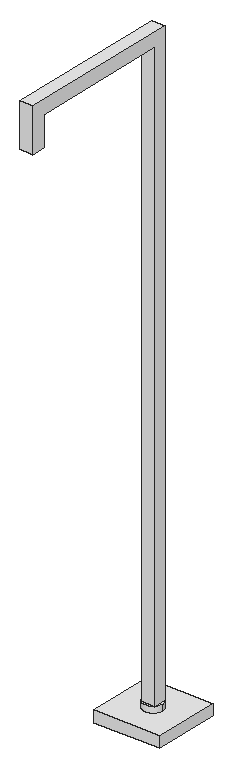
Revit family "Deca_Torneira Lavatório Tube_1191.C.TUB.PSO_Piso", category Plumbing Fixtures, host Face, Revit 2010
Parameters (values of type "1191.C.TUB.PSO_Cromado CR10")
  WFU = 0
  Vendido Separadamente = ""
  Variações de COR = "Cromado (1191.C.TUB.PSO)"  # constant formula
  URL = "www.deca.com.br/produtos"
  Torneira = Deca CR10 Cromado Metal
  Segmento = "Luxo"  # constant formula
  Raio Água Fria = 7.5 mm  # constant formula
  Produto = "Torneira Lavatório de Piso Tube"  # constant formula
  Pressão = "2 A 40 mca"  # constant formula
  Peso Liquido (Kg) = 3.9  # constant formula
  Norma = "ABNT NBR 15748: 2009"  # constant formula
  Model = Código  # "1191.C.TUB.PSO"
  Material = "Deca_Latão Cromado e Plástico de Engenharia"  # constant formula
  Manufacturer = "Deca"  # constant formula
  Louça/Metais = "Metal"  # constant formula
  Linha = "Tube"  # constant formula
  Informações Complementares = "Mecanismo: 1/4 de volta"  # constant formula
  HWFU = 0
  Flow Pressure = 0.00 psi
  Diâmetro Água Fria = Raio Água Fria * 2  # 15 mm
  Description = "Torneira Lavatório de Piso"  # constant formula
  Default Elevation = 0 mm
  Código = "1191.C.TUB.PSO"  # constant formula
  Criado por = "Contino/quattroD"  # constant formula
  Consumo = "Varia com a pressão"  # constant formula
  CWFU = 0
  Atendimento ao Cliente = "0800-0117073"  # constant formula
  Assembly Code = "D2020"
  Aprovado por = "Contino/quattroD"  # constant formula
  Acompanha o Produto = ""
Reference planes
  plane 1 "Center (Front/Back)": y = 0
  plane 2: z = 0
  plane 3 "Center (Left/Right)": x = 0
  plane 4 "Top 1": z = 20
  plane 5 "Left 1": x = -26.9
  plane 6 "Right 1": x = 26.9
  plane 7 "Front 1": y = -60
  plane 8 "Back 1": y = 60
  plane 9 "Top 2": z = 1126.15
  plane 10 "Right 2": x = 60
  plane 11 "Left 2": x = -60
  plane 12 "Front 2": y = -287.3
Forms (mm)
  Extrusion 1, solid, material "Deca CR10 Cromado Metal" <- "Torneira"
    sketch origin (0, 0, 0) x (1, 0, 0) y (0, 0, 1)
      loop
        line (-60, 20) -> (-60, 0) -> (60, 0) -> (60, 20) -> (-60, 20)
    from -60 to 60
  Extrusion 2, solid, material "Deca CR10 Cromado Metal" <- "Torneira"
    sketch origin (0, 0, 0) x (1, 0, 0) y (0, 1, 0)
      loop
        circle (0, 0) r 17
    from 20 to 30
  Sweep 3, solid, material "Deca CR10 Cromado Metal" <- "Torneira"
    path origin (0, 0, 0) x (0, 1, 0) y (0, 0, 1)
      loop
        line (0, 30) -> (0, 1115) -> (-275, 1115) -> (-275, 1049)
    profile origin (0, 0, 572.5) x (0, -1, 0) y (1, 0, 0)
      loop
        line (-12.188, -12.031) -> (11.812, -12.031) -> (11.812, 11.969) -> (-12.188, 11.969) -> (-12.188, -12.031)
Lines and regions (mm)
  Masking region 1
    outline origin (0, 0, 0) x (1, 0, 0) y (0, 1, 0)
      loop
        line (-60, 60) -> (-60, -60) -> (-12.7, -60) -> (-12.7, -287.3) -> (12.7, -287.3) -> (12.7, -60) -> (60, -60) -> (60, 60) -> (-60, 60)
  Masking region 2
    outline origin (0, 0, 0) x (1, 0, 0) y (0, 0, 1)
      loop
        line (12.7, 30) -> (12.7, 1126.4) -> (-12.7, 1126.4) -> (-12.7, 30) -> (-17.5, 30) -> (-17.5, 20) -> (-60, 20) -> (-60, 0) -> (60, 0) -> (60, 20) -> (17.5, 20) -> (17.5, 30) -> (12.7, 30)
  Masking region 3
    outline origin (0, 0, 0) x (0, 1, 0) y (0, 0, 1)
      loop
        line (12.7, 1126) -> (-287.3, 1126) -> (-287.3, 1049) -> (-261.9, 1049) -> (-261.9, 1101) -> (-12.7, 1101) -> (-12.7, 30) -> (-17.5, 30) -> (-17.5, 20) -> (-60, 20) -> (-60, 0) -> (60, 0) -> (60, 20) -> (17.5, 20) -> (17.5, 30) -> (12.7, 30) -> (12.7, 1126)
  symbolic lines
    curve 1: line (-12.7, 0, 30) -> (12.7, 0, 30)
    curve 2: line (-17.5, 0, 20) -> (17.5, 0, 20)
    curve 3: line (0, 12.7, 30) -> (0, -12.7, 30)
    curve 4: line (0, 17.5, 20) -> (0, -17.5, 20)
    curve 5: line (12.7, -60, 0) -> (12.7, 12.7, 0)
    curve 6: line (12.7, 12.7, 0) -> (-12.7, 12.7, 0)
    curve 7: line (-12.7, 12.7, 0) -> (-12.7, -60, 0)
    curve 8: line (12.7, -17.5, 0) -> (17.5, -17.5, 0)
    curve 9: line (17.5, -17.5, 0) -> (17.5, 17.5, 0)
    curve 10: line (17.5, 17.5, 0) -> (-17.5, 17.5, 0)
    curve 11: line (-17.5, 17.5, 0) -> (-17.5, -17.5, 0)
    curve 12: line (-17.5, -17.5, 0) -> (-12.7, -17.5, 0)
    curve 13: line (-12.7, 0, 1101) -> (12.7, 0, 1101)
    curve 14: line (12.7, 0, 1049) -> (-12.7, 0, 1049)
Dimensions and locks
  plane 4 "Top 1" to host face = 20 mm
  host face to plane 4 "Top 1" = 20 mm
  plane 5 "Left 1" to plane 6 "Right 1" = 53.8 mm
  plane 8 "Back 1" to plane 7 "Front 1" = 120 mm
  plane 9 "Top 2" to plane 4 "Top 1" = 1106.15 mm  (x2)
  plane 11 "Left 2" to plane 10 "Right 2" = 120 mm  (x2)
  plane 9 "Top 2" to level = 1126.15 mm
  plane 6 "Right 1" to plane 5 "Left 1" = 53.8 mm
  plane 7 "Front 1" to plane 8 "Back 1" = 120 mm
  plane 9 "Top 2" to plane 2 = 1126.15 mm
  plane 12 "Front 2" to plane 7 "Front 1" = 227.3 mm
  plane 8 "Back 1" to plane 12 "Front 2" = 347.3 mm
  plane 12 "Front 2" to plane 8 "Back 1" = 347.3 mm
  aligned and locked: host face to plane 2
  aligned and locked: level to host face
Connectors
  piping at (0, 0, 0), driven by "Raio Água Fria", driven by "Flow Pressure", driven by "CWFU"
    settings: on Extrusion 1, index 1, connector radius 0.29528", flow factor 0, pipe flow 0 GPM, pressure drop 0.00 psi, fitting loss kfactor 0, connector angle 0.00°, fixture units 0, engagement length 0 mm, flow configuration 3, flow direction 1, fitting loss method 4, system type 20, joint type 0, gender type 0, connector reference index -1, connector utility 0, adjustable connector no, is connector primary yes, fitting loss table "", connector description ""
